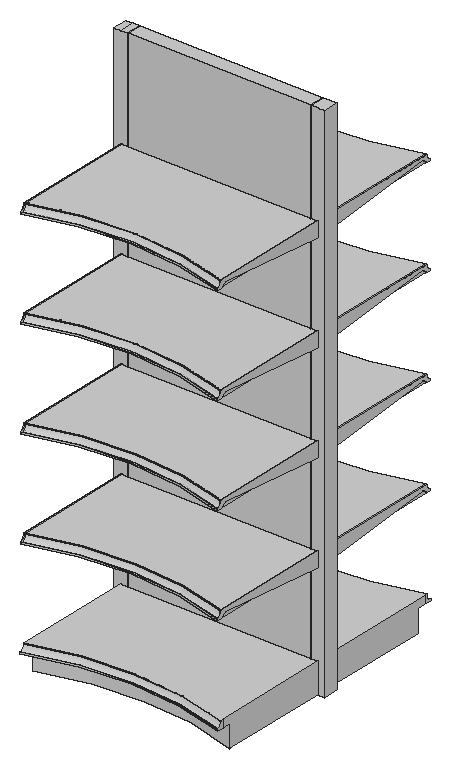
Revit family "ML8", category Specialty Equipment, Revit 2012
Parameters (values of type "Maxi Line Concave Starter (Default)")
  Width = 3' - 0"
  URL = "http://www.madixinc.com/display/maxiline/radius/index.html"
  Model = "Maxi Line"
  Manufacturer = "© 2012 Madix, Inc. All rights reserved."
  "Front" Base Shelf [instance] = yes
  "Front" Shelf 2' [instance] = yes
  "Front" Shelf 3' - 6" [instance] = yes
  "Front" Shelf 5' [instance] = yes
  "Front" Shelf 6' - 6" [instance] = yes
  "Back" Base Shelf [instance] = yes
  "Back" Shelf 2' [instance] = yes
  "Back" Shelf 3' - 6" [instance] = yes
  "Front" Shelf Depth = 1' - 10"
  "Back" Shelf 5' [instance] = yes
  "Back" Shelf Depth = 1' - 10"
  Upright Height = 8' - 0"
  "Back" Shelf 6' - 6" [instance] = yes
Reference planes (in)
  plane 1 "Center (Front/Back)": y = 0
  plane 2: z = 0
  plane 3 "Center (Left/Right)": x = 0
  plane 4: y = 1.375
  plane 5: y = -1.375
  plane 6: z = 96
  plane 7: z = 0
  plane 8 "1st shelf": z = 23.5
  plane 9 "2nd shelf": z = 41.5
  plane 10 "3rd shelf": z = 59.5
  plane 11 "4th shelf": z = 77.5
  plane 12: x = -18
  plane 13: x = 18
  plane 14: x = -17.875
  plane 15: x = 17.875
  plane 16: z = 41.5
  plane 17: y = 24.25
  plane 18: y = 23.375
  plane 19: z = 5.5
  plane 20: z = 4.125
  plane 21: z = 23.5
  plane 22: y = -23.375
  plane 23: z = 4.125
Forms (in)
  Extrusion 1, solid, material "Metal - Steel"
    sketch origin (-24, 1.375, 0) x (1, 0, 0) y (0, 0, 1)
      loop
        line (7.2815, 0) -> (42, 0) -> (43.25, 0) -> (43.25, 96) -> (40.75, 96) -> (40.75, 0.03125) -> (40.71924, 0.03125) -> (40.71924, 96) -> (7.2815, 96) -> (7.2815, 0.03125) -> (7.2494, 0.03125) -> (7.2494, 96) -> (6, 96) -> (4.75, 96) -> (4.75, 0) -> (7.25, 0) -> (7.2815, 0)
    from 0 to 2.75
  Extrusion 2, solid, material "Metal - Steel", visible <- ""Front" Base Shelf"
    sketch origin (-24, 1.39583, 4.375) x (1, 0, 0) y (0, 1, 0)
      loop
        line (6, -2.77083) -> (6, -24.35026) -> (6, -25.69542)
        arc (6, -25.69542) -> (24, -22.69473) -> (42, -25.69542) r 55.48794
        line (42, -25.69542) -> (42, -24.35026) -> (42, -2.77083) -> (6, -2.77083)
    from -0.25 to 1.125
  Extrusion 3, solid, material "Metal - Steel", visible <- ""Front" Base Shelf"
    sketch origin (-24, 1.35728, 4.375) x (1, 0, 0) y (0, 1, 0)
      loop
        line (42, -2.73228) -> (6, -2.73228) -> (6, -22.73228)
        arc (6, -22.73228) -> (24, -19.73228) -> (42, -22.73228) r 55.5
        line (42, -22.73228) -> (42, -2.73228)
    from -4.375 to -0.25
  Sweep 4, void
    path in 3D
      loop
        arc (18, -24.29959, 5.5) -> (0, -21.2989, 5.5) -> (-18, -24.29959, 5.5) r 55.48794
    profile origin (0, -21.2989, 5.5) x (0, -1, 0) y (0, 0, 1)
      loop
        line (0, -1.125) -> (0.5, -1.125) -> (0.5, 0) -> (0, 0) -> (-0.75, 0) -> (-0.75, -0.125) -> (-0.875, -0.125)
        arc (-0.875, -0.125) -> (-0.61304, -0.76286) -> (-0.125, -1.25) r 1.75
        line (-0.125, -1.25) -> (-0.125, -1.125) -> (0, -1.125)
  Extrusion 5, solid, material "Metal - Steel", visible <- ""Front" Shelf 2'"
    sketch origin (-24, 1.39583, 22.375) x (1, 0, 0) y (0, 1, 0)
      loop
        line (6.125, -2.77083) -> (6.125, -25.63844)
        arc (6.125, -25.63844) -> (24, -22.68121) -> (41.875, -25.63844) r 55.50145
        line (41.875, -25.63844) -> (41.875, -2.77083) -> (6.125, -2.77083)
    from -0.25 to 1.125
  Sweep 6, void
    path in 3D
      loop
        arc (17.875, -24.24261, 23.5) -> (0, -21.28538, 23.5) -> (-17.875, -24.24261, 23.5) r 55.50145
    profile origin (0, -21.28538, 23.5) x (0, -1, 0) y (0, 0, 1)
      loop
        line (-0.79226, 0) -> (-0.79226, -0.125) -> (-0.9246, -0.125)
        arc (-0.9246, -0.125) -> (-0.64351, -0.76861) -> (-0.13213, -1.25) r 1.75105
        line (-0.13213, -1.25) -> (-0.13213, -1.125) -> (0, -1.125) -> (0.5, -1.125) -> (0.5, 0) -> (-0.79226, 0)
  Extrusion 7, solid, material "Metal - Steel", visible <- ""Back" Base Shelf"
    sketch origin (-24, -1.39583, 4.375) x (1, 0, 0) y (0, 1, 0)
      loop
        line (6, 2.77083) -> (42, 2.77083) -> (42, 24.35026) -> (42, 25.69542)
        arc (42, 25.69542) -> (24, 22.69473) -> (6, 25.69542) r 55.48794
        line (6, 25.69542) -> (6, 24.35026) -> (6, 2.77083)
    from -0.25 to 1.125
  Extrusion 8, solid, material "Metal - Steel", visible <- ""Back" Base Shelf"
    sketch origin (-24, -0.95442, 4.375) x (1, 0, 0) y (0, 1, 0)
      loop
        line (42, 2.32942) -> (42, 22.32942)
        arc (42, 22.32942) -> (24, 19.32942) -> (6, 22.32942) r 55.5
        line (6, 22.32942) -> (6, 2.32942) -> (42, 2.32942)
    from -4.375 to -0.25
  Sweep 9, void
    path in 3D
      loop
        arc (-18, 24.29959, 5.5) -> (0, 21.2989, 5.5) -> (18, 24.29959, 5.5) r 55.48794
    profile origin (0, 21.2989, 5.5) x (0, 1, 0) y (0, 0, 1)
      loop
        line (-0.08295, -1.125) -> (0.50692, -1.125) -> (0.50692, 0) -> (-0.74308, 0) -> (-0.74308, -0.125) -> (-0.875, -0.125)
        arc (-0.875, -0.125) -> (-0.59436, -0.76874) -> (-0.08295, -1.25) r 1.74733
        line (-0.08295, -1.25) -> (-0.08295, -1.125)
  Extrusion 10, solid, material "Metal - Steel", visible <- ""Front" Shelf 2'"
    sketch origin (0, 0, 0) x (0, 1, 0) y (0, 0, 1)
      loop
        line (-1.375, 23.5) -> (-23.37362, 23.5)
        arc (-23.37362, 23.5) -> (-23.68874, 22.84529) -> (-24.24261, 22.375) r 1.75
        line (-24.24261, 22.375) -> (-24.24261, 22.125) -> (-23.24261, 22.125) -> (-23.24261, 22.375) -> (-22.49261, 23) -> (-22.24261, 23) -> (-22.24261, 22.875) -> (-1.375, 20.75) -> (-1.375, 23.5)
      loop
        circle (-20.24261, 23) r 0.125
      loop
        circle (-2.5, 23) r 0.125
    from -18 to -17.875
  Extrusion 11, solid, material "Metal - Steel", visible <- ""Front" Shelf 2'"
    sketch origin (0, 0, 0) x (0, 1, 0) y (0, 0, -1)
      loop
        line (-1.375, -23.5) -> (-1.375, -20.75) -> (-22.24261, -22.875) -> (-22.24261, -23) -> (-22.49261, -23) -> (-23.24261, -22.375) -> (-23.24261, -22.125) -> (-24.24261, -22.125) -> (-24.24261, -22.375)
        arc (-24.24261, -22.375) -> (-23.68874, -22.84529) -> (-23.37362, -23.5) r 1.75
        line (-23.37362, -23.5) -> (-1.375, -23.5)
      loop
        circle (-20.24261, -23) r 0.125
      loop
        circle (-2.5, -23) r 0.125
    from -18 to -17.875
  Extrusion 12, solid, material "Metal - Steel", visible <- ""Front" Shelf 3' - 6""
    sketch origin (-24, 1.39583, 40.375) x (1, 0, 0) y (0, 1, 0)
      loop
        line (6.125, -2.77083) -> (6.125, -25.63844)
        arc (6.125, -25.63844) -> (24, -22.68121) -> (41.875, -25.63844) r 55.50145
        line (41.875, -25.63844) -> (41.875, -2.77083) -> (6.125, -2.77083)
    from -0.25 to 1.125
  Sweep 13, void
    path in 3D
      loop
        arc (17.875, -24.24261, 41.5) -> (0, -21.28538, 41.5) -> (-17.875, -24.24261, 41.5) r 55.50145
    profile origin (0, -21.28538, 41.5) x (0, -1, 0) y (0, 0, 1)
      loop
        line (-0.79226, 0) -> (-0.79226, -0.125) -> (-0.9246, -0.125)
        arc (-0.9246, -0.125) -> (-0.64351, -0.76861) -> (-0.13213, -1.25) r 1.75105
        line (-0.13213, -1.25) -> (-0.13213, -1.125) -> (0, -1.125) -> (0.5, -1.125) -> (0.5, 0) -> (-0.79226, 0)
  Extrusion 14, solid, material "Metal - Steel", visible <- ""Front" Shelf 3' - 6""
    sketch origin (0, 0, 18) x (0, 1, 0) y (0, 0, 1)
      loop
        line (-1.375, 23.5) -> (-23.37362, 23.5)
        arc (-23.37362, 23.5) -> (-23.68874, 22.84529) -> (-24.24261, 22.375) r 1.75
        line (-24.24261, 22.375) -> (-24.24261, 22.125) -> (-23.24261, 22.125) -> (-23.24261, 22.375) -> (-22.49261, 23) -> (-22.24261, 23) -> (-22.24261, 22.875) -> (-1.375, 20.75) -> (-1.375, 23.5)
      loop
        circle (-20.24261, 23) r 0.125
      loop
        circle (-2.5, 23) r 0.125
    from -18 to -17.875
  Extrusion 15, solid, material "Metal - Steel", visible <- ""Front" Shelf 3' - 6""
    sketch origin (0, 0, 18) x (0, 1, 0) y (0, 0, -1)
      loop
        line (-1.375, -23.5) -> (-1.375, -20.75) -> (-22.24261, -22.875) -> (-22.24261, -23) -> (-22.49261, -23) -> (-23.24261, -22.375) -> (-23.24261, -22.125) -> (-24.24261, -22.125) -> (-24.24261, -22.375)
        arc (-24.24261, -22.375) -> (-23.68874, -22.84529) -> (-23.37362, -23.5) r 1.75
        line (-23.37362, -23.5) -> (-1.375, -23.5)
      loop
        circle (-20.24261, -23) r 0.125
      loop
        circle (-2.5, -23) r 0.125
    from -18 to -17.875
  Extrusion 16, solid, material "Metal - Steel", visible <- ""Front" Shelf 5'"
    sketch origin (-24, 1.39583, 58.375) x (1, 0, 0) y (0, 1, 0)
      loop
        line (6.125, -2.77083) -> (6.125, -25.63844)
        arc (6.125, -25.63844) -> (24, -22.68121) -> (41.875, -25.63844) r 55.50145
        line (41.875, -25.63844) -> (41.875, -2.77083) -> (6.125, -2.77083)
    from -0.25 to 1.125
  Sweep 17, void
    path in 3D
      loop
        arc (17.875, -24.24261, 59.5) -> (0, -21.28538, 59.5) -> (-17.875, -24.24261, 59.5) r 55.50145
    profile origin (0, -21.28538, 59.5) x (0, -1, 0) y (0, 0, 1)
      loop
        line (-0.79226, 0) -> (-0.79226, -0.125) -> (-0.9246, -0.125)
        arc (-0.9246, -0.125) -> (-0.64351, -0.76861) -> (-0.13213, -1.25) r 1.75105
        line (-0.13213, -1.25) -> (-0.13213, -1.125) -> (0, -1.125) -> (0.5, -1.125) -> (0.5, 0) -> (-0.79226, 0)
  Extrusion 18, solid, material "Metal - Steel", visible <- ""Front" Shelf 5'"
    sketch origin (0, 0, 36) x (0, 1, 0) y (0, 0, 1)
      loop
        line (-1.375, 23.5) -> (-23.37362, 23.5)
        arc (-23.37362, 23.5) -> (-23.68874, 22.84529) -> (-24.24261, 22.375) r 1.75
        line (-24.24261, 22.375) -> (-24.24261, 22.125) -> (-23.24261, 22.125) -> (-23.24261, 22.375) -> (-22.49261, 23) -> (-22.24261, 23) -> (-22.24261, 22.875) -> (-1.375, 20.75) -> (-1.375, 23.5)
      loop
        circle (-20.24261, 23) r 0.125
      loop
        circle (-2.5, 23) r 0.125
    from -18 to -17.875
  Extrusion 19, solid, material "Metal - Steel", visible <- ""Front" Shelf 5'"
    sketch origin (0, 0, 36) x (0, 1, 0) y (0, 0, -1)
      loop
        line (-1.375, -23.5) -> (-1.375, -20.75) -> (-22.24261, -22.875) -> (-22.24261, -23) -> (-22.49261, -23) -> (-23.24261, -22.375) -> (-23.24261, -22.125) -> (-24.24261, -22.125) -> (-24.24261, -22.375)
        arc (-24.24261, -22.375) -> (-23.68874, -22.84529) -> (-23.37362, -23.5) r 1.75
        line (-23.37362, -23.5) -> (-1.375, -23.5)
      loop
        circle (-20.24261, -23) r 0.125
      loop
        circle (-2.5, -23) r 0.125
    from -18 to -17.875
  Extrusion 20, solid, material "Metal - Steel", visible <- ""Front" Shelf 6' - 6""
    sketch origin (-24, 1.39583, 76.375) x (1, 0, 0) y (0, 1, 0)
      loop
        line (6.125, -2.77083) -> (6.125, -25.63844)
        arc (6.125, -25.63844) -> (24, -22.68121) -> (41.875, -25.63844) r 55.50145
        line (41.875, -25.63844) -> (41.875, -2.77083) -> (6.125, -2.77083)
    from -0.25 to 1.125
  Sweep 21, void
    path in 3D
      loop
        arc (17.875, -24.24261, 77.5) -> (0, -21.28538, 77.5) -> (-17.875, -24.24261, 77.5) r 55.50145
    profile origin (0, -21.28538, 77.5) x (0, -1, 0) y (0, 0, 1)
      loop
        line (-0.79226, 0) -> (-0.79226, -0.125) -> (-0.9246, -0.125)
        arc (-0.9246, -0.125) -> (-0.64351, -0.76861) -> (-0.13213, -1.25) r 1.75105
        line (-0.13213, -1.25) -> (-0.13213, -1.125) -> (0, -1.125) -> (0.5, -1.125) -> (0.5, 0) -> (-0.79226, 0)
  Extrusion 22, solid, material "Metal - Steel", visible <- ""Front" Shelf 6' - 6""
    sketch origin (0, 0, 54) x (0, 1, 0) y (0, 0, 1)
      loop
        line (-1.375, 23.5) -> (-23.37362, 23.5)
        arc (-23.37362, 23.5) -> (-23.68874, 22.84529) -> (-24.24261, 22.375) r 1.75
        line (-24.24261, 22.375) -> (-24.24261, 22.125) -> (-23.24261, 22.125) -> (-23.24261, 22.375) -> (-22.49261, 23) -> (-22.24261, 23) -> (-22.24261, 22.875) -> (-1.375, 20.75) -> (-1.375, 23.5)
      loop
        circle (-20.24261, 23) r 0.125
      loop
        circle (-2.5, 23) r 0.125
    from -18 to -17.875
  Extrusion 23, solid, material "Metal - Steel", visible <- ""Front" Shelf 6' - 6""
    sketch origin (0, 0, 54) x (0, 1, 0) y (0, 0, -1)
      loop
        line (-1.375, -23.5) -> (-1.375, -20.75) -> (-22.24261, -22.875) -> (-22.24261, -23) -> (-22.49261, -23) -> (-23.24261, -22.375) -> (-23.24261, -22.125) -> (-24.24261, -22.125) -> (-24.24261, -22.375)
        arc (-24.24261, -22.375) -> (-23.68874, -22.84529) -> (-23.37362, -23.5) r 1.75
        line (-23.37362, -23.5) -> (-1.375, -23.5)
      loop
        circle (-20.24261, -23) r 0.125
      loop
        circle (-2.5, -23) r 0.125
    from -18 to -17.875
  Extrusion 24, solid, material "Metal - Steel", visible <- ""Back" Shelf 6' - 6""
    sketch origin (-24, -1.39583, 76.375) x (1, 0, 0) y (0, 1, 0)
      loop
        line (6.125, 2.77083) -> (41.875, 2.77083) -> (41.875, 25.63844)
        arc (41.875, 25.63844) -> (24, 22.68121) -> (6.125, 25.63844) r 55.50145
        line (6.125, 25.63844) -> (6.125, 2.77083)
    from -0.25 to 1.125
  Sweep 25, void
    path in 3D
      loop
        arc (-17.875, 24.24261, 77.5) -> (0, 21.28538, 77.5) -> (17.875, 24.24261, 77.5) r 55.50145
    profile origin (0, 21.28538, 77.5) x (0, 1, 0) y (0, 0, 1)
      loop
        line (-0.79226, 0) -> (-0.79226, -0.125) -> (-0.9246, -0.125)
        arc (-0.9246, -0.125) -> (-0.64351, -0.76861) -> (-0.13213, -1.25) r 1.75105
        line (-0.13213, -1.25) -> (-0.13213, -1.125) -> (0, -1.125) -> (0.5, -1.125) -> (0.5, 0) -> (-0.79226, 0)
  Extrusion 26, solid, material "Metal - Steel", visible <- ""Back" Shelf 6' - 6""
    sketch origin (0, 0, 54) x (0, -1, 0) y (0, 0, -1)
      loop
        line (-1.375, -23.5) -> (-1.375, -20.75) -> (-22.24261, -22.875) -> (-22.24261, -23) -> (-22.49261, -23) -> (-23.24261, -22.375) -> (-23.24261, -22.125) -> (-24.24261, -22.125) -> (-24.24261, -22.375)
        arc (-24.24261, -22.375) -> (-23.68874, -22.84529) -> (-23.37362, -23.5) r 1.75
        line (-23.37362, -23.5) -> (-1.375, -23.5)
      loop
        circle (-20.24261, -23) r 0.125
      loop
        circle (-2.5, -23) r 0.125
    from -18 to -17.875
  Extrusion 27, solid, material "Metal - Steel", visible <- ""Back" Shelf 6' - 6""
    sketch origin (0, 0, 54) x (0, -1, 0) y (0, 0, 1)
      loop
        line (-1.375, 23.5) -> (-23.37362, 23.5)
        arc (-23.37362, 23.5) -> (-23.68874, 22.84529) -> (-24.24261, 22.375) r 1.75
        line (-24.24261, 22.375) -> (-24.24261, 22.125) -> (-23.24261, 22.125) -> (-23.24261, 22.375) -> (-22.49261, 23) -> (-22.24261, 23) -> (-22.24261, 22.875) -> (-1.375, 20.75) -> (-1.375, 23.5)
      loop
        circle (-20.24261, 23) r 0.125
      loop
        circle (-2.5, 23) r 0.125
    from -18 to -17.875
  Extrusion 28, solid, material "Metal - Steel", visible <- ""Back" Shelf 5'"
    sketch origin (-24, -1.39583, 58.375) x (1, 0, 0) y (0, 1, 0)
      loop
        line (6.125, 2.77083) -> (41.875, 2.77083) -> (41.875, 25.63844)
        arc (41.875, 25.63844) -> (24, 22.68121) -> (6.125, 25.63844) r 55.50145
        line (6.125, 25.63844) -> (6.125, 2.77083)
    from -0.25 to 1.125
  Sweep 29, void
    path in 3D
      loop
        arc (-17.875, 24.24261, 59.5) -> (0, 21.28538, 59.5) -> (17.875, 24.24261, 59.5) r 55.50145
    profile origin (0, 21.28538, 59.5) x (0, 1, 0) y (0, 0, 1)
      loop
        line (-0.79226, 0) -> (-0.79226, -0.125) -> (-0.9246, -0.125)
        arc (-0.9246, -0.125) -> (-0.64351, -0.76861) -> (-0.13213, -1.25) r 1.75105
        line (-0.13213, -1.25) -> (-0.13213, -1.125) -> (0, -1.125) -> (0.5, -1.125) -> (0.5, 0) -> (-0.79226, 0)
  Extrusion 30, solid, material "Metal - Steel", visible <- ""Back" Shelf 5'"
    sketch origin (0, 0, 36) x (0, -1, 0) y (0, 0, -1)
      loop
        line (-1.375, -23.5) -> (-1.375, -20.75) -> (-22.24261, -22.875) -> (-22.24261, -23) -> (-22.49261, -23) -> (-23.24261, -22.375) -> (-23.24261, -22.125) -> (-24.24261, -22.125) -> (-24.24261, -22.375)
        arc (-24.24261, -22.375) -> (-23.68874, -22.84529) -> (-23.37362, -23.5) r 1.75
        line (-23.37362, -23.5) -> (-1.375, -23.5)
      loop
        circle (-20.24261, -23) r 0.125
      loop
        circle (-2.5, -23) r 0.125
    from -18 to -17.875
  Extrusion 31, solid, material "Metal - Steel", visible <- ""Back" Shelf 5'"
    sketch origin (0, 0, 36) x (0, -1, 0) y (0, 0, 1)
      loop
        line (-1.375, 23.5) -> (-23.37362, 23.5)
        arc (-23.37362, 23.5) -> (-23.68874, 22.84529) -> (-24.24261, 22.375) r 1.75
        line (-24.24261, 22.375) -> (-24.24261, 22.125) -> (-23.24261, 22.125) -> (-23.24261, 22.375) -> (-22.49261, 23) -> (-22.24261, 23) -> (-22.24261, 22.875) -> (-1.375, 20.75) -> (-1.375, 23.5)
      loop
        circle (-20.24261, 23) r 0.125
      loop
        circle (-2.5, 23) r 0.125
    from -18 to -17.875
  Extrusion 32, solid, material "Metal - Steel", visible <- ""Back" Shelf 3' - 6""
    sketch origin (-24, -1.39583, 40.375) x (1, 0, 0) y (0, 1, 0)
      loop
        line (6.125, 2.77083) -> (41.875, 2.77083) -> (41.875, 25.63844)
        arc (41.875, 25.63844) -> (24, 22.68121) -> (6.125, 25.63844) r 55.50145
        line (6.125, 25.63844) -> (6.125, 2.77083)
    from -0.25 to 1.125
  Sweep 33, void
    path in 3D
      loop
        arc (-17.875, 24.24261, 41.5) -> (0, 21.28538, 41.5) -> (17.875, 24.24261, 41.5) r 55.50145
    profile origin (0, 21.28538, 41.5) x (0, 1, 0) y (0, 0, 1)
      loop
        line (-0.79226, 0) -> (-0.79226, -0.125) -> (-0.9246, -0.125)
        arc (-0.9246, -0.125) -> (-0.64351, -0.76861) -> (-0.13213, -1.25) r 1.75105
        line (-0.13213, -1.25) -> (-0.13213, -1.125) -> (0, -1.125) -> (0.5, -1.125) -> (0.5, 0) -> (-0.79226, 0)
  Extrusion 34, solid, material "Metal - Steel", visible <- ""Back" Shelf 3' - 6""
    sketch origin (0, 0, 18) x (0, -1, 0) y (0, 0, -1)
      loop
        line (-1.375, -23.5) -> (-1.375, -20.75) -> (-22.24261, -22.875) -> (-22.24261, -23) -> (-22.49261, -23) -> (-23.24261, -22.375) -> (-23.24261, -22.125) -> (-24.24261, -22.125) -> (-24.24261, -22.375)
        arc (-24.24261, -22.375) -> (-23.68874, -22.84529) -> (-23.37362, -23.5) r 1.75
        line (-23.37362, -23.5) -> (-1.375, -23.5)
      loop
        circle (-20.24261, -23) r 0.125
      loop
        circle (-2.5, -23) r 0.125
    from -18 to -17.875
  Extrusion 35, solid, material "Metal - Steel", visible <- ""Back" Shelf 3' - 6""
    sketch origin (0, 0, 18) x (0, -1, 0) y (0, 0, 1)
      loop
        line (-1.375, 23.5) -> (-23.37362, 23.5)
        arc (-23.37362, 23.5) -> (-23.68874, 22.84529) -> (-24.24261, 22.375) r 1.75
        line (-24.24261, 22.375) -> (-24.24261, 22.125) -> (-23.24261, 22.125) -> (-23.24261, 22.375) -> (-22.49261, 23) -> (-22.24261, 23) -> (-22.24261, 22.875) -> (-1.375, 20.75) -> (-1.375, 23.5)
      loop
        circle (-20.24261, 23) r 0.125
      loop
        circle (-2.5, 23) r 0.125
    from -18 to -17.875
  Extrusion 36, solid, material "Metal - Steel", visible <- ""Back" Shelf 2'"
    sketch origin (-24, -1.39583, 22.375) x (1, 0, 0) y (0, 1, 0)
      loop
        line (6.125, 2.77083) -> (41.875, 2.77083) -> (41.875, 25.63844)
        arc (41.875, 25.63844) -> (24, 22.68121) -> (6.125, 25.63844) r 55.50145
        line (6.125, 25.63844) -> (6.125, 2.77083)
    from -0.25 to 1.125
  Sweep 37, void
    path in 3D
      loop
        arc (-17.875, 24.24261, 23.5) -> (0, 21.28538, 23.5) -> (17.875, 24.24261, 23.5) r 55.50145
    profile origin (0, 21.28538, 23.5) x (0, 1, 0) y (0, 0, 1)
      loop
        line (-0.79226, 0) -> (-0.79226, -0.125) -> (-0.9246, -0.125)
        arc (-0.9246, -0.125) -> (-0.64351, -0.76861) -> (-0.13213, -1.25) r 1.75105
        line (-0.13213, -1.25) -> (-0.13213, -1.125) -> (0, -1.125) -> (0.5, -1.125) -> (0.5, 0) -> (-0.79226, 0)
  Extrusion 38, solid, material "Metal - Steel", visible <- ""Back" Shelf 2'"
    sketch origin (0, 0, 0) x (0, -1, 0) y (0, 0, -1)
      loop
        line (-1.375, -23.5) -> (-1.375, -20.75) -> (-22.24261, -22.875) -> (-22.24261, -23) -> (-22.49261, -23) -> (-23.24261, -22.375) -> (-23.24261, -22.125) -> (-24.24261, -22.125) -> (-24.24261, -22.375)
        arc (-24.24261, -22.375) -> (-23.68874, -22.84529) -> (-23.37362, -23.5) r 1.75
        line (-23.37362, -23.5) -> (-1.375, -23.5)
      loop
        circle (-20.24261, -23) r 0.125
      loop
        circle (-2.5, -23) r 0.125
    from -18 to -17.875
  Extrusion 39, solid, material "Metal - Steel", visible <- ""Back" Shelf 2'"
    sketch origin (0, 0, 0) x (0, -1, 0) y (0, 0, 1)
      loop
        line (-1.375, 23.5) -> (-23.37362, 23.5)
        arc (-23.37362, 23.5) -> (-23.68874, 22.84529) -> (-24.24261, 22.375) r 1.75
        line (-24.24261, 22.375) -> (-24.24261, 22.125) -> (-23.24261, 22.125) -> (-23.24261, 22.375) -> (-22.49261, 23) -> (-22.24261, 23) -> (-22.24261, 22.875) -> (-1.375, 20.75) -> (-1.375, 23.5)
      loop
        circle (-20.24261, 23) r 0.125
      loop
        circle (-2.5, 23) r 0.125
    from -18 to -17.875
Cuts and joins
  Sweep 4 cuts Extrusion 2
  Sweep 4 cuts Extrusion 3
  joined: Extrusion 2, Extrusion 3
  Sweep 6, Sweep 13 cuts Extrusion 5
  Sweep 9 cuts Extrusion 7
  joined: Extrusion 7, Extrusion 8
  Sweep 13 cuts Extrusion 10
  Sweep 13 cuts Extrusion 11
  Sweep 13, Sweep 17 cuts Extrusion 12
  Sweep 17 cuts Extrusion 14
  Sweep 17 cuts Extrusion 15
  Sweep 17, Sweep 21 cuts Extrusion 16
  Sweep 21 cuts Extrusion 18
  Sweep 21 cuts Extrusion 19
  Sweep 21, Sweep 25 cuts Extrusion 20
  Sweep 25 cuts Extrusion 22
  Sweep 25 cuts Extrusion 23
  Sweep 25, Sweep 29 cuts Extrusion 24
  Sweep 29 cuts Extrusion 26
  Sweep 29 cuts Extrusion 27
  Sweep 29, Sweep 33 cuts Extrusion 28
  Sweep 33 cuts Extrusion 30
  Sweep 33 cuts Extrusion 31
  Sweep 33, Sweep 37 cuts Extrusion 32
  Sweep 37 cuts Extrusion 34
  Sweep 37 cuts Extrusion 35
  Sweep 37 cuts Extrusion 36
Lines and regions (in)
  Split face 1
    outline origin (-24, -1.375, 0) x (1, 0, 0) y (0, 0, 1)
      loop
        line (7.2815, 96) -> (7.2815, 0.03125) -> (40.71924, 0.03125) -> (40.71924, 96)
  Split face 2
    outline origin (-24, 1.375, 0) x (1, 0, 0) y (0, 0, 1)
      loop
        line (40.71924, 96) -> (40.71924, 0.03125) -> (7.2815, 0.03125) -> (7.2815, 96)
  model lines
    curve 1: line (-18, 0, 0) -> (18, 0, 0)
  reference lines
    curve 2: line (-16.75, 0, 23.5) -> (16.71875, 0, 23.5)
    curve 3: line (-16.75, 0, 59.5) -> (16.71875, 0, 59.5)
    curve 4: line (16.71875, 0, 77.5) -> (-16.71875, 0, 77.5)
    curve 5: line (-18, -18.77594, 77.5) -> (-17.96875, -18.77594, 77.5)
  sketch lines
    curve 6: arc (18, -24.29959, 5.5) -> (0, -21.2989, 5.5) -> (-18, -24.29959, 5.5) r 55.48794
    curve 7: arc (17.875, -24.24261, 23.5) -> (0, -21.28538, 23.5) -> (-17.875, -24.24261, 23.5) r 55.50145
    curve 8: arc (-18, 24.29959, 5.5) -> (0, 21.2989, 5.5) -> (18, 24.29959, 5.5) r 55.48794
    curve 9: arc (17.875, -24.24261, 41.5) -> (0, -21.28538, 41.5) -> (-17.875, -24.24261, 41.5) r 55.50145
    curve 10: arc (17.875, -24.24261, 59.5) -> (0, -21.28538, 59.5) -> (-17.875, -24.24261, 59.5) r 55.50145
    curve 11: arc (17.875, -24.24261, 77.5) -> (0, -21.28538, 77.5) -> (-17.875, -24.24261, 77.5) r 55.50145
    curve 12: arc (-17.875, 24.24261, 77.5) -> (0, 21.28538, 77.5) -> (17.875, 24.24261, 77.5) r 55.50145
    curve 13: arc (-17.875, 24.24261, 59.5) -> (0, 21.28538, 59.5) -> (17.875, 24.24261, 59.5) r 55.50145
    curve 14: arc (-17.875, 24.24261, 41.5) -> (0, 21.28538, 41.5) -> (17.875, 24.24261, 41.5) r 55.50145
    curve 15: arc (-17.875, 24.24261, 23.5) -> (0, 21.28538, 23.5) -> (17.875, 24.24261, 23.5) r 55.50145
Dimensions and locks (in)
  "Upright Height": plane 6 to level
  equal spacing: plane 12, plane 3 "Center (Left/Right)", plane 13
  "Width": plane 12 to plane 13
  locked: plane 12 to plane 14 at 0.125
  locked: plane 15 to plane 13 at 0.125
  ""Back" Shelf Depth": plane 4 to plane 18
  locked: plane 18 to plane 17 at 0.875
  ""Front" Shelf Depth": plane 5 to plane 22
  aligned and locked: level to plane 2
  aligned and locked: Extrusion 1 to plane 6  (x2)
  aligned and locked: Extrusion 3 to Extrusion 2
  aligned and locked: Extrusion 2 to plane 5
  aligned and locked: Extrusion 3 to plane 5
  aligned and locked: Extrusion 2 to plane 20
  aligned and locked: plane 20 to Extrusion 3
  aligned and locked: Extrusion 5 to plane 5
  aligned and locked: plane 8 "1st shelf" to Extrusion 5
  aligned and locked: Extrusion 7 to Extrusion 8
  aligned and locked: plane 23 to Extrusion 7
  aligned and locked: Extrusion 8 to plane 23
  aligned and locked: Extrusion 10 to plane 14
  aligned and locked: plane 12 to Extrusion 10
  aligned and locked: Extrusion 27 to plane 13
  aligned and locked: Extrusion 31 to plane 15
  aligned and locked: Extrusion 31 to plane 13
  aligned and locked: Extrusion 35 to plane 15
  aligned and locked: Extrusion 35 to plane 13
  aligned and locked: Extrusion 39 to plane 15
  aligned and locked: Extrusion 39 to plane 13
  aligned and locked: plane 14 to Extrusion 26
  aligned and locked: plane 12 to Extrusion 26
  aligned and locked: plane 14 to Extrusion 30
  aligned and locked: plane 12 to Extrusion 30
  aligned and locked: plane 14 to Extrusion 34
  aligned and locked: plane 12 to Extrusion 34
  aligned and locked: plane 14 to Extrusion 38
  aligned and locked: plane 12 to Extrusion 38
  aligned and locked: Extrusion 22 to plane 14
  aligned and locked: plane 12 to Extrusion 22
  aligned and locked: Extrusion 18 to plane 14
  aligned and locked: plane 12 to Extrusion 18
  aligned and locked: Extrusion 14 to plane 14
  aligned and locked: plane 12 to Extrusion 14
  aligned and locked: plane 15 to Extrusion 23
  aligned and locked: Extrusion 23 to plane 13
  aligned and locked: plane 15 to Extrusion 19
  aligned and locked: Extrusion 19 to plane 13
  aligned and locked: plane 15 to Extrusion 15
  aligned and locked: Extrusion 15 to plane 13
  aligned and locked: plane 15 to Extrusion 11
  aligned and locked: Extrusion 11 to plane 13
  aligned and locked: Extrusion 27 to plane 15
  aligned and locked: Extrusion 8 to plane 4
Automatic sketch dimensions
  plane 1 "Center (Front/Back)" to curve 1 = 0' - 0"
  curve 1 to plane 12 = 0' - 0"
  curve 1 to plane 13 = 0' - 0"
  curve 3 to plane 10 "3rd shelf" = 0' - 0"
  curve 2 to plane 8 "1st shelf" = 0' - 0"
  curve 4 to plane 11 "4th shelf" = 0' - 0"
  plane 14 to curve 3 = 0' - 1 1/8"
  plane 14 to curve 2 = 0' - 1 1/8"
  plane 14 to curve 4 = 0' - 1 5/32"
  plane 15 to curve 4 = 0' - 1 5/32"
  plane 15 to curve 3 = 0' - 1 5/32"
  plane 15 to curve 2 = 0' - 1 5/32"
  Extrusion 1 sketch curve to level = 0' - 0"
  Extrusion 1 sketch curve to plane 6 = 0' - 0"  (x3)
  Extrusion 1 sketch curve to plane 12 = 0' - 0"
  plane 13 to Extrusion 1 sketch curve = 0' - 0"
  plane 12 to Extrusion 1 sketch curve = 0' - 1 1/4"
  plane 14 to Extrusion 1 sketch curve = 0' - 1.1244"
  Extrusion 1 sketch curve to Extrusion 1 sketch curve = 0' - 0.0006"
  Extrusion 1 sketch curve to Extrusion 1 sketch curve = 0' - 0.0315"
  Extrusion 1 sketch curve to Extrusion 1 sketch curve = 0' - 0.0321"
  plane 15 to Extrusion 1 sketch curve = 0' - 1.15576"
  Extrusion 1 sketch curve to Extrusion 1 sketch curve = 0' - 0.03076"
  Extrusion 1 sketch curve to plane 13 = 0' - 1 1/4"
  level to Extrusion 1 sketch curve = 0' - 0 1/32"  (x2)
  Split face 1 sketch curve to Extrusion 1 = 0' - 0"  (x4)
  Extrusion 1 to Split face 1 sketch curve = 0' - 0"
  Split face 2 sketch curve to Extrusion 1 = 0' - 0"  (x4)
  Extrusion 1 to Split face 2 sketch curve = 0' - 0"
  curve 5 to plane 12 = 0' - 0"
  curve 5 to curve 5 = 0' - 0 1/32"
  curve 5 to plane 22 = 0' - 4.59906"
  plane 5 to Extrusion 2 sketch curve = 0' - 0"
  Extrusion 2 sketch curve to plane 12 = 0' - 0"
  Extrusion 2 sketch curve to plane 3 "Center (Left/Right)" = 0' - 0"
  Extrusion 2 sketch curve to plane 13 = 0' - 0"
  Extrusion 2 sketch curve to plane 22 = 0' - 0.42058"  (x2)
  plane 22 to Extrusion 2 sketch curve = 0' - 0.92459"
  plane 22 to Extrusion 2 sketch curve = 4' - 5.41184"
  plane 5 to Extrusion 3 sketch curve = 0' - 0"
  Extrusion 3 sketch curve to plane 12 = 0' - 0"
  Extrusion 3 sketch curve to plane 3 "Center (Left/Right)" = 0' - 0"
  Extrusion 3 sketch curve to plane 13 = 0' - 0"
  Extrusion 3 sketch curve to plane 22 = 0' - 2"
  plane 22 to Extrusion 3 sketch curve = 4' - 2 1/2"
  Sweep 4 sketch curve to profile plane = 0' - 0"  (x3)
  profile plane to Sweep 4 sketch curve = 0' - 0 1/8"
  profile plane to Sweep 4 sketch curve = 0' - 0 3/4"
  Sweep 4 sketch curve to Sweep 4 sketch curve = 0' - 0 1/8"  (x3)
  Sweep 4 sketch curve to Sweep 4 sketch curve = 0' - 0 1/2"
  Sweep 4 sketch curve to Sweep 4 sketch curve = 0' - 0.34305"
  Sweep 4 sketch curve to Sweep 4 sketch curve = 0' - 1 1/8"
  Extrusion 5 sketch curve to plane 14 = 0' - 0"
  Extrusion 5 sketch curve to plane 3 "Center (Left/Right)" = 0' - 0"
  Extrusion 5 sketch curve to plane 15 = 0' - 0"
  plane 5 to Extrusion 5 sketch curve = 0' - 0"
  plane 22 to Extrusion 5 sketch curve = 0' - 0.86761"
  plane 22 to Extrusion 5 sketch curve = 4' - 5.41184"
  Sweep 6 sketch curve to profile plane = 0' - 0"  (x2)
  Sweep 6 sketch curve to Sweep 6 sketch curve = 0' - 0.13213"
  profile plane to Sweep 6 sketch curve = 0' - 0.79226"
  Sweep 6 sketch curve to Sweep 6 sketch curve = 0' - 0.13235"
  Sweep 6 sketch curve to profile plane = 0' - 0 1/2"
  profile plane to Sweep 6 sketch curve = 0' - 0.2398"
  Sweep 6 sketch curve to Sweep 6 sketch curve = 0' - 0.28802"
  Sweep 6 sketch curve to profile plane = 0' - 0 1/8"
  Sweep 6 sketch curve to Sweep 6 sketch curve = 0' - 0 1/8"
  Extrusion 7 sketch curve to plane 4 = 0' - 0"
  Extrusion 7 sketch curve to plane 12 = 0' - 0"
  Extrusion 7 sketch curve to plane 3 "Center (Left/Right)" = 0' - 0"
  Extrusion 7 sketch curve to plane 13 = 0' - 0"
  plane 18 to Extrusion 7 sketch curve = 0' - 0.42058"  (x2)
  Extrusion 7 sketch curve to plane 17 = 0' - 0.04959"
  Extrusion 7 sketch curve to plane 17 = 4' - 4.53684"
  Extrusion 8 sketch curve to plane 12 = 0' - 0"
  Extrusion 8 sketch curve to plane 3 "Center (Left/Right)" = 0' - 0"
  Extrusion 8 sketch curve to plane 13 = 0' - 0"
  plane 4 to Extrusion 8 sketch curve = 0' - 0"
  plane 18 to Extrusion 8 sketch curve = 0' - 2"
  Extrusion 8 sketch curve to plane 17 = 4' - 1 5/8"
  Sweep 9 sketch curve to profile plane = 0' - 0"
  Sweep 9 sketch curve to profile plane = 0' - 0 1/8"
  profile plane to Sweep 9 sketch curve = 0' - 0 7/8"
  Sweep 9 sketch curve to Sweep 9 sketch curve = 0' - 0.13192"
  profile plane to Sweep 9 sketch curve = 0' - 0.08295"
  Sweep 9 sketch curve to profile plane = 0' - 0.50692"
  Sweep 9 sketch curve to Sweep 9 sketch curve = 0' - 0.32746"
  Sweep 9 sketch curve to profile plane = 0' - 1 1/8"
  Sweep 9 sketch curve to Sweep 9 sketch curve = 0' - 0 1/8"
  Extrusion 10 sketch curve to plane 8 "1st shelf" = 0' - 0"
  Extrusion 10 sketch curve to plane 5 = 0' - 0"
  Extrusion 10 sketch curve to plane 8 "1st shelf" = 0' - 0 1/2"  (x2)
  plane 5 to Extrusion 10 sketch curve = 0' - 1 1/8"
  Extrusion 10 sketch curve to plane 22 = 0' - 3.13239"
  Extrusion 10 sketch curve to plane 22 = 0' - 1.13239"
  Extrusion 10 sketch curve to Extrusion 10 sketch curve = 0' - 0 1/4"  (x2)
  Extrusion 10 sketch curve to plane 22 = 0' - 0.13239"
  Extrusion 10 sketch curve to plane 22 = 0' - 0.00138"
  plane 22 to Extrusion 10 sketch curve = 0' - 0.86761"
  plane 8 "1st shelf" to Extrusion 10 sketch curve = 0' - 0.41507"
  plane 22 to Extrusion 10 sketch curve = 0' - 1.69868"
  Extrusion 10 sketch curve to Extrusion 10 sketch curve = 0' - 0"
  Extrusion 10 sketch curve to Extrusion 10 sketch curve = 0' - 2 1/4"
  Extrusion 10 sketch curve to plane 8 "1st shelf" = 0' - 0 5/8"
  Extrusion 10 sketch curve to Extrusion 10 sketch curve = 0' - 0 1/8"
  Extrusion 11 sketch curve to plane 8 "1st shelf" = 0' - 0"
  Extrusion 11 sketch curve to plane 5 = 0' - 0"
  Extrusion 11 sketch curve to plane 8 "1st shelf" = 0' - 0 1/2"  (x3)
  plane 5 to Extrusion 11 sketch curve = 0' - 1 1/8"
  Extrusion 11 sketch curve to plane 22 = 0' - 3.13239"
  Extrusion 11 sketch curve to plane 22 = 0' - 1.13239"
  Extrusion 11 sketch curve to Extrusion 11 sketch curve = 0' - 0 1/4"  (x2)
  Extrusion 11 sketch curve to plane 22 = 0' - 0.13239"
  Extrusion 11 sketch curve to plane 22 = 0' - 0.00138"
  plane 22 to Extrusion 11 sketch curve = 0' - 0.86761"
  plane 8 "1st shelf" to Extrusion 11 sketch curve = 0' - 0.41507"
  plane 22 to Extrusion 11 sketch curve = 0' - 1.69868"
  Extrusion 11 sketch curve to Extrusion 11 sketch curve = 0' - 0 1/8"
  Extrusion 11 sketch curve to Extrusion 11 sketch curve = 0' - 0 5/8"
  Extrusion 11 sketch curve to Extrusion 11 sketch curve = 0' - 2 1/4"
  Extrusion 12 sketch curve to plane 14 = 0' - 0"
  Extrusion 12 sketch curve to plane 3 "Center (Left/Right)" = 0' - 0"
  Extrusion 12 sketch curve to plane 15 = 0' - 0"
  plane 5 to Extrusion 12 sketch curve = 0' - 0"
  plane 22 to Extrusion 12 sketch curve = 0' - 0.86761"
  plane 22 to Extrusion 12 sketch curve = 4' - 5.41184"
  Sweep 13 sketch curve to profile plane = 0' - 0"  (x2)
  Sweep 13 sketch curve to Sweep 13 sketch curve = 0' - 0.13213"
  profile plane to Sweep 13 sketch curve = 0' - 0.79226"
  Sweep 13 sketch curve to Sweep 13 sketch curve = 0' - 0.13235"
  Sweep 13 sketch curve to profile plane = 0' - 0 1/2"
  profile plane to Sweep 13 sketch curve = 0' - 0.2398"
  Sweep 13 sketch curve to Sweep 13 sketch curve = 0' - 0.28802"
  Sweep 13 sketch curve to profile plane = 0' - 0 1/8"
  Sweep 13 sketch curve to Sweep 13 sketch curve = 0' - 0 1/8"
  Extrusion 14 sketch curve to plane 9 "2nd shelf" = 0' - 0"
  Extrusion 14 sketch curve to plane 5 = 0' - 0"
  Extrusion 14 sketch curve to plane 9 "2nd shelf" = 0' - 0 1/2"  (x2)
  plane 5 to Extrusion 14 sketch curve = 0' - 1 1/8"
  Extrusion 14 sketch curve to plane 22 = 0' - 3.13239"
  Extrusion 14 sketch curve to plane 22 = 0' - 1.13239"
  Extrusion 14 sketch curve to Extrusion 14 sketch curve = 0' - 0 1/4"  (x2)
  Extrusion 14 sketch curve to plane 22 = 0' - 0.13239"
  Extrusion 14 sketch curve to plane 22 = 0' - 0.00138"
  plane 22 to Extrusion 14 sketch curve = 0' - 0.86761"
  plane 9 "2nd shelf" to Extrusion 14 sketch curve = 0' - 0.41507"
  plane 22 to Extrusion 14 sketch curve = 0' - 1.69868"
  Extrusion 14 sketch curve to Extrusion 14 sketch curve = 0' - 0"
  Extrusion 14 sketch curve to Extrusion 14 sketch curve = 0' - 2 1/4"
  Extrusion 14 sketch curve to plane 9 "2nd shelf" = 0' - 0 5/8"
  Extrusion 14 sketch curve to Extrusion 14 sketch curve = 0' - 0 1/8"
  Extrusion 15 sketch curve to plane 9 "2nd shelf" = 0' - 0"
  Extrusion 15 sketch curve to plane 5 = 0' - 0"
  Extrusion 15 sketch curve to plane 9 "2nd shelf" = 0' - 0 1/2"  (x3)
  plane 5 to Extrusion 15 sketch curve = 0' - 1 1/8"
  Extrusion 15 sketch curve to plane 22 = 0' - 3.13239"
  Extrusion 15 sketch curve to plane 22 = 0' - 1.13239"
  Extrusion 15 sketch curve to Extrusion 15 sketch curve = 0' - 0 1/4"  (x2)
  Extrusion 15 sketch curve to plane 22 = 0' - 0.13239"
  Extrusion 15 sketch curve to plane 22 = 0' - 0.00138"
  plane 22 to Extrusion 15 sketch curve = 0' - 0.86761"
  plane 9 "2nd shelf" to Extrusion 15 sketch curve = 0' - 0.41507"
  plane 22 to Extrusion 15 sketch curve = 0' - 1.69868"
  Extrusion 15 sketch curve to Extrusion 15 sketch curve = 0' - 0 1/8"
  Extrusion 15 sketch curve to Extrusion 15 sketch curve = 0' - 0 5/8"
  Extrusion 15 sketch curve to Extrusion 15 sketch curve = 0' - 2 1/4"
  Extrusion 16 sketch curve to plane 14 = 0' - 0"
  Extrusion 16 sketch curve to plane 3 "Center (Left/Right)" = 0' - 0"
  Extrusion 16 sketch curve to plane 15 = 0' - 0"
  plane 5 to Extrusion 16 sketch curve = 0' - 0"
  plane 22 to Extrusion 16 sketch curve = 0' - 0.86761"
  plane 22 to Extrusion 16 sketch curve = 4' - 5.41184"
  Sweep 17 sketch curve to profile plane = 0' - 0"  (x2)
  Sweep 17 sketch curve to Sweep 17 sketch curve = 0' - 0.13213"
  profile plane to Sweep 17 sketch curve = 0' - 0.79226"
  Sweep 17 sketch curve to Sweep 17 sketch curve = 0' - 0.13235"
  Sweep 17 sketch curve to profile plane = 0' - 0 1/2"
  profile plane to Sweep 17 sketch curve = 0' - 0.2398"
  Sweep 17 sketch curve to Sweep 17 sketch curve = 0' - 0.28802"
  Sweep 17 sketch curve to profile plane = 0' - 0 1/8"
  Sweep 17 sketch curve to Sweep 17 sketch curve = 0' - 0 1/8"
  Extrusion 18 sketch curve to plane 10 "3rd shelf" = 0' - 0"
  Extrusion 18 sketch curve to plane 5 = 0' - 0"
  Extrusion 18 sketch curve to plane 10 "3rd shelf" = 0' - 0 1/2"  (x2)
  plane 5 to Extrusion 18 sketch curve = 0' - 1 1/8"
  Extrusion 18 sketch curve to plane 22 = 0' - 3.13239"
  Extrusion 18 sketch curve to plane 22 = 0' - 1.13239"
  Extrusion 18 sketch curve to Extrusion 18 sketch curve = 0' - 0 1/4"  (x2)
  Extrusion 18 sketch curve to plane 22 = 0' - 0.13239"
  Extrusion 18 sketch curve to plane 22 = 0' - 0.00138"
  plane 22 to Extrusion 18 sketch curve = 0' - 0.86761"
  plane 10 "3rd shelf" to Extrusion 18 sketch curve = 0' - 0.41507"
  plane 22 to Extrusion 18 sketch curve = 0' - 1.69868"
  Extrusion 18 sketch curve to Extrusion 18 sketch curve = 0' - 0"
  Extrusion 18 sketch curve to Extrusion 18 sketch curve = 0' - 2 1/4"
  Extrusion 18 sketch curve to plane 10 "3rd shelf" = 0' - 0 5/8"
  Extrusion 18 sketch curve to Extrusion 18 sketch curve = 0' - 0 1/8"
  Extrusion 19 sketch curve to plane 10 "3rd shelf" = 0' - 0"
  Extrusion 19 sketch curve to plane 5 = 0' - 0"
  Extrusion 19 sketch curve to plane 10 "3rd shelf" = 0' - 0 1/2"  (x3)
  plane 5 to Extrusion 19 sketch curve = 0' - 1 1/8"
  Extrusion 19 sketch curve to plane 22 = 0' - 3.13239"
  Extrusion 19 sketch curve to plane 22 = 0' - 1.13239"
  Extrusion 19 sketch curve to Extrusion 19 sketch curve = 0' - 0 1/4"  (x2)
  Extrusion 19 sketch curve to plane 22 = 0' - 0.13239"
  Extrusion 19 sketch curve to plane 22 = 0' - 0.00138"
  plane 22 to Extrusion 19 sketch curve = 0' - 0.86761"
  plane 10 "3rd shelf" to Extrusion 19 sketch curve = 0' - 0.41507"
  plane 22 to Extrusion 19 sketch curve = 0' - 1.69868"
  Extrusion 19 sketch curve to Extrusion 19 sketch curve = 0' - 0 1/8"
  Extrusion 19 sketch curve to Extrusion 19 sketch curve = 0' - 0 5/8"
  Extrusion 19 sketch curve to Extrusion 19 sketch curve = 0' - 2 1/4"
  Extrusion 20 sketch curve to plane 14 = 0' - 0"
  Extrusion 20 sketch curve to plane 3 "Center (Left/Right)" = 0' - 0"
  Extrusion 20 sketch curve to plane 15 = 0' - 0"
  plane 5 to Extrusion 20 sketch curve = 0' - 0"
  plane 22 to Extrusion 20 sketch curve = 0' - 0.86761"
  plane 22 to Extrusion 20 sketch curve = 4' - 5.41184"
  Sweep 21 sketch curve to profile plane = 0' - 0"  (x2)
  Sweep 21 sketch curve to Sweep 21 sketch curve = 0' - 0.13213"
  profile plane to Sweep 21 sketch curve = 0' - 0.79226"
  Sweep 21 sketch curve to Sweep 21 sketch curve = 0' - 0.13235"
  Sweep 21 sketch curve to profile plane = 0' - 0 1/2"
  profile plane to Sweep 21 sketch curve = 0' - 0.2398"
  Sweep 21 sketch curve to Sweep 21 sketch curve = 0' - 0.28802"
  Sweep 21 sketch curve to profile plane = 0' - 0 1/8"
  Sweep 21 sketch curve to Sweep 21 sketch curve = 0' - 0 1/8"
  Extrusion 22 sketch curve to plane 11 "4th shelf" = 0' - 0"
  Extrusion 22 sketch curve to plane 5 = 0' - 0"
  Extrusion 22 sketch curve to plane 11 "4th shelf" = 0' - 0 1/2"  (x2)
  plane 5 to Extrusion 22 sketch curve = 0' - 1 1/8"
  Extrusion 22 sketch curve to plane 22 = 0' - 3.13239"
  Extrusion 22 sketch curve to plane 22 = 0' - 1.13239"
  Extrusion 22 sketch curve to Extrusion 22 sketch curve = 0' - 0 1/4"  (x2)
  Extrusion 22 sketch curve to plane 22 = 0' - 0.13239"
  Extrusion 22 sketch curve to plane 22 = 0' - 0.00138"
  plane 22 to Extrusion 22 sketch curve = 0' - 0.86761"
  plane 11 "4th shelf" to Extrusion 22 sketch curve = 0' - 0.41507"
  plane 22 to Extrusion 22 sketch curve = 0' - 1.69868"
  Extrusion 22 sketch curve to Extrusion 22 sketch curve = 0' - 0"
  Extrusion 22 sketch curve to Extrusion 22 sketch curve = 0' - 2 1/4"
  Extrusion 22 sketch curve to plane 11 "4th shelf" = 0' - 0 5/8"
  Extrusion 22 sketch curve to Extrusion 22 sketch curve = 0' - 0 1/8"
  Extrusion 23 sketch curve to plane 11 "4th shelf" = 0' - 0"
  Extrusion 23 sketch curve to plane 5 = 0' - 0"
  Extrusion 23 sketch curve to plane 11 "4th shelf" = 0' - 0 1/2"  (x3)
  plane 5 to Extrusion 23 sketch curve = 0' - 1 1/8"
  Extrusion 23 sketch curve to plane 22 = 0' - 3.13239"
  Extrusion 23 sketch curve to plane 22 = 0' - 1.13239"
  Extrusion 23 sketch curve to Extrusion 23 sketch curve = 0' - 0 1/4"  (x2)
  Extrusion 23 sketch curve to plane 22 = 0' - 0.13239"
  Extrusion 23 sketch curve to plane 22 = 0' - 0.00138"
  plane 22 to Extrusion 23 sketch curve = 0' - 0.86761"
  plane 11 "4th shelf" to Extrusion 23 sketch curve = 0' - 0.41507"
  plane 22 to Extrusion 23 sketch curve = 0' - 1.69868"
  Extrusion 23 sketch curve to Extrusion 23 sketch curve = 0' - 0 1/8"
  Extrusion 23 sketch curve to Extrusion 23 sketch curve = 0' - 0 5/8"
  Extrusion 23 sketch curve to Extrusion 23 sketch curve = 0' - 2 1/4"
  Extrusion 24 sketch curve to plane 14 = 0' - 0"
  Extrusion 24 sketch curve to plane 3 "Center (Left/Right)" = 0' - 0"
  Extrusion 24 sketch curve to plane 15 = 0' - 0"
  Extrusion 24 sketch curve to plane 4 = 0' - 0"
  plane 17 to Extrusion 24 sketch curve = 0' - 0.00739"
  Extrusion 24 sketch curve to plane 17 = 4' - 4.53684"
  Sweep 25 sketch curve to profile plane = 0' - 0"  (x2)
  Sweep 25 sketch curve to Sweep 25 sketch curve = 0' - 0.13213"
  profile plane to Sweep 25 sketch curve = 0' - 0.79226"
  Sweep 25 sketch curve to Sweep 25 sketch curve = 0' - 0.13235"
  Sweep 25 sketch curve to profile plane = 0' - 0 1/2"
  profile plane to Sweep 25 sketch curve = 0' - 0.2398"
  Sweep 25 sketch curve to Sweep 25 sketch curve = 0' - 0.28802"
  Sweep 25 sketch curve to profile plane = 0' - 0 1/8"
  Sweep 25 sketch curve to Sweep 25 sketch curve = 0' - 0 1/8"
  Extrusion 26 sketch curve to plane 11 "4th shelf" = 0' - 0"
  Extrusion 26 sketch curve to plane 4 = 0' - 0"
  plane 11 "4th shelf" to Extrusion 26 sketch curve = 0' - 0 1/2"  (x3)
  Extrusion 26 sketch curve to plane 4 = 0' - 1 1/8"
  Extrusion 26 sketch curve to plane 18 = 0' - 3.13239"
  Extrusion 26 sketch curve to plane 18 = 0' - 1.13239"
  Extrusion 26 sketch curve to Extrusion 26 sketch curve = 0' - 0 1/4"  (x2)
  Extrusion 26 sketch curve to plane 18 = 0' - 0.13239"
  Extrusion 26 sketch curve to plane 18 = 0' - 0.00138"
  Extrusion 26 sketch curve to plane 17 = 0' - 0.00739"
  plane 17 to Extrusion 26 sketch curve = 0' - 0.82368"
  Extrusion 26 sketch curve to Extrusion 26 sketch curve = 0' - 0 1/8"
  Extrusion 26 sketch curve to Extrusion 26 sketch curve = 0' - 0 5/8"
  Extrusion 26 sketch curve to Extrusion 26 sketch curve = 0' - 0"
  Extrusion 26 sketch curve to Extrusion 26 sketch curve = 0' - 2 1/4"
  Extrusion 27 sketch curve to plane 11 "4th shelf" = 0' - 0"
  Extrusion 27 sketch curve to plane 4 = 0' - 0"
  Extrusion 27 sketch curve to plane 11 "4th shelf" = 0' - 0 1/2"  (x3)
  plane 4 to Extrusion 27 sketch curve = 0' - 1 1/8"
  plane 18 to Extrusion 27 sketch curve = 0' - 3.13239"
  plane 18 to Extrusion 27 sketch curve = 0' - 1.13239"
  Extrusion 27 sketch curve to Extrusion 27 sketch curve = 0' - 0 1/4"  (x2)
  plane 18 to Extrusion 27 sketch curve = 0' - 0.13239"
  plane 18 to Extrusion 27 sketch curve = 0' - 0.00138"
  plane 17 to Extrusion 27 sketch curve = 0' - 0.00739"
  Extrusion 27 sketch curve to plane 17 = 0' - 0.82368"
  Extrusion 27 sketch curve to Extrusion 27 sketch curve = 0' - 0 1/8"
  Extrusion 27 sketch curve to Extrusion 27 sketch curve = 0' - 0 5/8"
  Extrusion 27 sketch curve to Extrusion 27 sketch curve = 0' - 0"
  Extrusion 27 sketch curve to Extrusion 27 sketch curve = 0' - 2 1/4"
  Extrusion 28 sketch curve to plane 14 = 0' - 0"
  Extrusion 28 sketch curve to plane 3 "Center (Left/Right)" = 0' - 0"
  Extrusion 28 sketch curve to plane 15 = 0' - 0"
  Extrusion 28 sketch curve to plane 4 = 0' - 0"
  plane 17 to Extrusion 28 sketch curve = 0' - 0.00739"
  Extrusion 28 sketch curve to plane 17 = 4' - 4.53684"
  Sweep 29 sketch curve to profile plane = 0' - 0"  (x2)
  Sweep 29 sketch curve to Sweep 29 sketch curve = 0' - 0.13213"
  profile plane to Sweep 29 sketch curve = 0' - 0.79226"
  Sweep 29 sketch curve to Sweep 29 sketch curve = 0' - 0.13235"
  Sweep 29 sketch curve to profile plane = 0' - 0 1/2"
  profile plane to Sweep 29 sketch curve = 0' - 0.2398"
  Sweep 29 sketch curve to Sweep 29 sketch curve = 0' - 0.28802"
  Sweep 29 sketch curve to profile plane = 0' - 0 1/8"
  Sweep 29 sketch curve to Sweep 29 sketch curve = 0' - 0 1/8"
  Extrusion 30 sketch curve to plane 10 "3rd shelf" = 0' - 0"
  Extrusion 30 sketch curve to plane 4 = 0' - 0"
  plane 10 "3rd shelf" to Extrusion 30 sketch curve = 0' - 0 1/2"  (x3)
  Extrusion 30 sketch curve to plane 4 = 0' - 1 1/8"
  Extrusion 30 sketch curve to plane 18 = 0' - 3.13239"
  Extrusion 30 sketch curve to plane 18 = 0' - 1.13239"
  Extrusion 30 sketch curve to Extrusion 30 sketch curve = 0' - 0 1/4"  (x2)
  Extrusion 30 sketch curve to plane 18 = 0' - 0.13239"
  Extrusion 30 sketch curve to plane 18 = 0' - 0.00138"
  Extrusion 30 sketch curve to plane 17 = 0' - 0.00739"
  plane 17 to Extrusion 30 sketch curve = 0' - 0.82368"
  Extrusion 30 sketch curve to Extrusion 30 sketch curve = 0' - 0 1/8"
  Extrusion 30 sketch curve to Extrusion 30 sketch curve = 0' - 0 5/8"
  Extrusion 30 sketch curve to Extrusion 30 sketch curve = 0' - 0"
  Extrusion 30 sketch curve to Extrusion 30 sketch curve = 0' - 2 1/4"
  Extrusion 31 sketch curve to plane 10 "3rd shelf" = 0' - 0"
  Extrusion 31 sketch curve to plane 4 = 0' - 0"
  Extrusion 31 sketch curve to plane 10 "3rd shelf" = 0' - 0 1/2"  (x3)
  plane 4 to Extrusion 31 sketch curve = 0' - 1 1/8"
  plane 18 to Extrusion 31 sketch curve = 0' - 3.13239"
  plane 18 to Extrusion 31 sketch curve = 0' - 1.13239"
  Extrusion 31 sketch curve to Extrusion 31 sketch curve = 0' - 0 1/4"  (x2)
  plane 18 to Extrusion 31 sketch curve = 0' - 0.13239"
  plane 18 to Extrusion 31 sketch curve = 0' - 0.00138"
  plane 17 to Extrusion 31 sketch curve = 0' - 0.00739"
  Extrusion 31 sketch curve to plane 17 = 0' - 0.82368"
  Extrusion 31 sketch curve to Extrusion 31 sketch curve = 0' - 0 1/8"
  Extrusion 31 sketch curve to Extrusion 31 sketch curve = 0' - 0 5/8"
  Extrusion 31 sketch curve to Extrusion 31 sketch curve = 0' - 0"
  Extrusion 31 sketch curve to Extrusion 31 sketch curve = 0' - 2 1/4"
  Extrusion 32 sketch curve to plane 14 = 0' - 0"
  Extrusion 32 sketch curve to plane 3 "Center (Left/Right)" = 0' - 0"
  Extrusion 32 sketch curve to plane 15 = 0' - 0"
  Extrusion 32 sketch curve to plane 4 = 0' - 0"
  plane 17 to Extrusion 32 sketch curve = 0' - 0.00739"
  Extrusion 32 sketch curve to plane 17 = 4' - 4.53684"
  Sweep 33 sketch curve to profile plane = 0' - 0"  (x2)
  Sweep 33 sketch curve to Sweep 33 sketch curve = 0' - 0.13213"
  profile plane to Sweep 33 sketch curve = 0' - 0.79226"
  Sweep 33 sketch curve to Sweep 33 sketch curve = 0' - 0.13235"
  Sweep 33 sketch curve to profile plane = 0' - 0 1/2"
  profile plane to Sweep 33 sketch curve = 0' - 0.2398"
  Sweep 33 sketch curve to Sweep 33 sketch curve = 0' - 0.28802"
  Sweep 33 sketch curve to profile plane = 0' - 0 1/8"
  Sweep 33 sketch curve to Sweep 33 sketch curve = 0' - 0 1/8"
  Extrusion 34 sketch curve to plane 9 "2nd shelf" = 0' - 0"
  Extrusion 34 sketch curve to plane 4 = 0' - 0"
  plane 9 "2nd shelf" to Extrusion 34 sketch curve = 0' - 0 1/2"  (x3)
  Extrusion 34 sketch curve to plane 4 = 0' - 1 1/8"
  Extrusion 34 sketch curve to plane 18 = 0' - 3.13239"
  Extrusion 34 sketch curve to plane 18 = 0' - 1.13239"
  Extrusion 34 sketch curve to Extrusion 34 sketch curve = 0' - 0 1/4"  (x2)
  Extrusion 34 sketch curve to plane 18 = 0' - 0.13239"
  Extrusion 34 sketch curve to plane 18 = 0' - 0.00138"
  Extrusion 34 sketch curve to plane 17 = 0' - 0.00739"
  plane 17 to Extrusion 34 sketch curve = 0' - 0.82368"
  Extrusion 34 sketch curve to Extrusion 34 sketch curve = 0' - 0 1/8"
  Extrusion 34 sketch curve to Extrusion 34 sketch curve = 0' - 0 5/8"
  Extrusion 34 sketch curve to Extrusion 34 sketch curve = 0' - 0"
  Extrusion 34 sketch curve to Extrusion 34 sketch curve = 0' - 2 1/4"
  Extrusion 35 sketch curve to plane 9 "2nd shelf" = 0' - 0"
  Extrusion 35 sketch curve to plane 4 = 0' - 0"
  Extrusion 35 sketch curve to plane 9 "2nd shelf" = 0' - 0 1/2"  (x3)
  plane 4 to Extrusion 35 sketch curve = 0' - 1 1/8"
  plane 18 to Extrusion 35 sketch curve = 0' - 3.13239"
  plane 18 to Extrusion 35 sketch curve = 0' - 1.13239"
  Extrusion 35 sketch curve to Extrusion 35 sketch curve = 0' - 0 1/4"  (x2)
  plane 18 to Extrusion 35 sketch curve = 0' - 0.13239"
  plane 18 to Extrusion 35 sketch curve = 0' - 0.00138"
  plane 17 to Extrusion 35 sketch curve = 0' - 0.00739"
  Extrusion 35 sketch curve to plane 17 = 0' - 0.82368"
  Extrusion 35 sketch curve to Extrusion 35 sketch curve = 0' - 0 1/8"
  Extrusion 35 sketch curve to Extrusion 35 sketch curve = 0' - 0 5/8"
  Extrusion 35 sketch curve to Extrusion 35 sketch curve = 0' - 0"
  Extrusion 35 sketch curve to Extrusion 35 sketch curve = 0' - 2 1/4"
  Extrusion 36 sketch curve to plane 14 = 0' - 0"
  Extrusion 36 sketch curve to plane 3 "Center (Left/Right)" = 0' - 0"
  Extrusion 36 sketch curve to plane 15 = 0' - 0"
  Extrusion 36 sketch curve to plane 4 = 0' - 0"
  plane 17 to Extrusion 36 sketch curve = 0' - 0.00739"
  Extrusion 36 sketch curve to plane 17 = 4' - 4.53684"
  Sweep 37 sketch curve to profile plane = 0' - 0"  (x2)
  Sweep 37 sketch curve to Sweep 37 sketch curve = 0' - 0.13213"
  profile plane to Sweep 37 sketch curve = 0' - 0.79226"
  Sweep 37 sketch curve to Sweep 37 sketch curve = 0' - 0.13235"
  Sweep 37 sketch curve to profile plane = 0' - 0 1/2"
  profile plane to Sweep 37 sketch curve = 0' - 0.2398"
  Sweep 37 sketch curve to Sweep 37 sketch curve = 0' - 0.28802"
  Sweep 37 sketch curve to profile plane = 0' - 0 1/8"
  Sweep 37 sketch curve to Sweep 37 sketch curve = 0' - 0 1/8"
  Extrusion 38 sketch curve to plane 8 "1st shelf" = 0' - 0"
  Extrusion 38 sketch curve to plane 4 = 0' - 0"
  plane 8 "1st shelf" to Extrusion 38 sketch curve = 0' - 0 1/2"  (x3)
  Extrusion 38 sketch curve to plane 4 = 0' - 1 1/8"
  Extrusion 38 sketch curve to plane 18 = 0' - 3.13239"
  Extrusion 38 sketch curve to plane 18 = 0' - 1.13239"
  Extrusion 38 sketch curve to Extrusion 38 sketch curve = 0' - 0 1/4"  (x2)
  Extrusion 38 sketch curve to plane 18 = 0' - 0.13239"
  Extrusion 38 sketch curve to plane 18 = 0' - 0.00138"
  Extrusion 38 sketch curve to plane 17 = 0' - 0.00739"
  plane 17 to Extrusion 38 sketch curve = 0' - 0.82368"
  Extrusion 38 sketch curve to Extrusion 38 sketch curve = 0' - 0 1/8"
  Extrusion 38 sketch curve to Extrusion 38 sketch curve = 0' - 0 5/8"
  Extrusion 38 sketch curve to Extrusion 38 sketch curve = 0' - 0"
  Extrusion 38 sketch curve to Extrusion 38 sketch curve = 0' - 2 1/4"
  Extrusion 39 sketch curve to plane 8 "1st shelf" = 0' - 0"
  Extrusion 39 sketch curve to plane 4 = 0' - 0"
  Extrusion 39 sketch curve to plane 8 "1st shelf" = 0' - 0 1/2"  (x3)
  plane 4 to Extrusion 39 sketch curve = 0' - 1 1/8"
  plane 18 to Extrusion 39 sketch curve = 0' - 3.13239"
  plane 18 to Extrusion 39 sketch curve = 0' - 1.13239"
  Extrusion 39 sketch curve to Extrusion 39 sketch curve = 0' - 0 1/4"  (x2)
  plane 18 to Extrusion 39 sketch curve = 0' - 0.13239"
  plane 18 to Extrusion 39 sketch curve = 0' - 0.00138"
  plane 17 to Extrusion 39 sketch curve = 0' - 0.00739"
  Extrusion 39 sketch curve to plane 17 = 0' - 0.82368"
  Extrusion 39 sketch curve to Extrusion 39 sketch curve = 0' - 0 1/8"
  Extrusion 39 sketch curve to Extrusion 39 sketch curve = 0' - 0 5/8"
  Extrusion 39 sketch curve to Extrusion 39 sketch curve = 0' - 0"
  Extrusion 39 sketch curve to Extrusion 39 sketch curve = 0' - 2 1/4"
  radius of Extrusion 10 sketch curve = 0' - 0 1/8"  (x2)
  radius of Extrusion 11 sketch curve = 0' - 0 1/8"  (x2)
  radius of Extrusion 14 sketch curve = 0' - 0 1/8"  (x2)
  radius of Extrusion 15 sketch curve = 0' - 0 1/8"  (x2)
  radius of Extrusion 18 sketch curve = 0' - 0 1/8"  (x2)
  radius of Extrusion 19 sketch curve = 0' - 0 1/8"  (x2)
  radius of Extrusion 22 sketch curve = 0' - 0 1/8"  (x2)
  radius of Extrusion 23 sketch curve = 0' - 0 1/8"  (x2)
  radius of Extrusion 26 sketch curve = 0' - 0 1/8"  (x2)
  radius of Extrusion 27 sketch curve = 0' - 0 1/8"  (x2)
  radius of Extrusion 30 sketch curve = 0' - 0 1/8"  (x2)
  radius of Extrusion 31 sketch curve = 0' - 0 1/8"  (x2)
  radius of Extrusion 34 sketch curve = 0' - 0 1/8"  (x2)
  radius of Extrusion 35 sketch curve = 0' - 0 1/8"  (x2)
  radius of Extrusion 38 sketch curve = 0' - 0 1/8"  (x2)
  radius of Extrusion 39 sketch curve = 0' - 0 1/8"  (x2)
